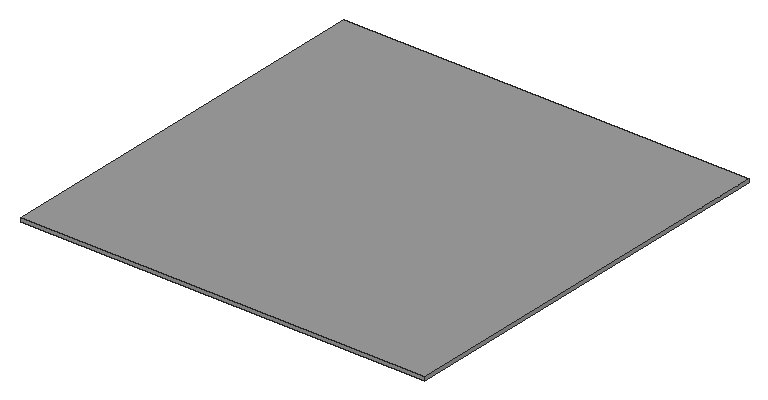
Revit family "BK-BK Inverted Roof 35mm Family", category Generic Models, host Floor, Revit 2017
Family settings
  Host = Floor
  Can host rebar = No
  Round Connector Dimension = Use Diameter
  Part Type = Normal
  Always vertical = Yes
  Cut with Voids When Loaded = No
  Shared = No
  Room Calculation Point = No
Parameters (values of type "Lambdaboard")
  Width = 4000 mm
  URL = "www.rigifoam.com"
  Type Comments = "duncan@rigifoam.com"
  Thermal Resistance = 1.4500 (m²·K)/W
  Thermal Conductivity = 0.0240 W/(m·K)
  Model = "BK/BK Inverted Roof 35mm"
  Material = Polyisocyanurate
  Manufacturer = "Lambdaboard"
  Length = 4000 mm
  Slab Thickness = 300 mm
  Description = "Flexible PIR Insulation"
  Depth = 35 mm
  Density = 40.0000 kg/m³
Reference planes
  plane 1 "Center (Front/Back)": y = 0
  plane 2: z = 0
  plane 3 "Center (Left/Right)": x = 0
Forms (mm)
  Extrusion 1, solid, material "Polyisocyanurate" <- "Material"
    sketch origin (0, 0, 0) x (1, 0, 0) y (0, 1, 0)
      loop
        line (-2000, 2000) -> (-2000, -2000) -> (2000, -2000) -> (2000, 2000) -> (-2000, 2000)
    from -300 to -335
Dimensions and locks
  "Depth": Extrusion 1 to Extrusion 1
  "Length": Extrusion 1 to Extrusion 1
  "Width": Extrusion 1 to Extrusion 1
  "Slab Thickness": plane 2 to Extrusion 1
  aligned and locked: level to plane 2
Automatic sketch dimensions
  Extrusion 1 sketch curve to plane 3 "Center (Left/Right)" = 2000 mm
  plane 3 "Center (Left/Right)" to Extrusion 1 sketch curve = 2000 mm
  plane 1 "Center (Front/Back)" to Extrusion 1 sketch curve = 2000 mm
  Extrusion 1 sketch curve to plane 1 "Center (Front/Back)" = 2000 mm
